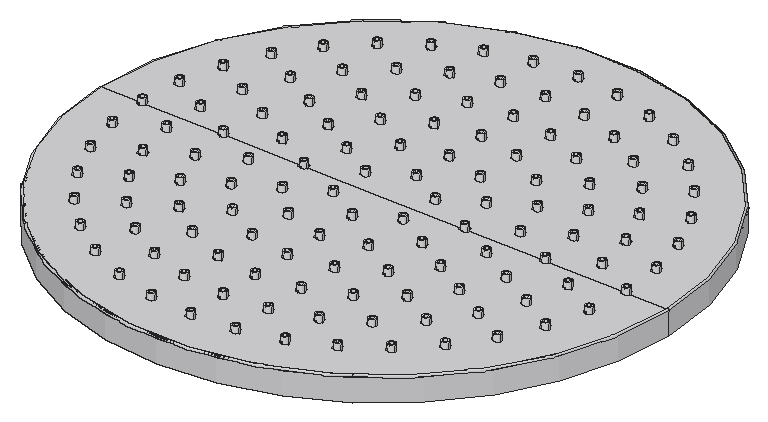
Revit family "Shower-Showerhead-KOHLER-Katalyst_Air-K-18359A_1", category Plumbing Fixtures, host Face, Revit 2017
Family settings
  Host = Face
  Round Connector Dimension = Use Diameter
  Part Type = Normal
  OmniClass Number = 23.31.17.00
  OmniClass Title = Showers
  Cut with Voids When Loaded = No
  Shared = No
  Room Calculation Point = No
Parameters (values of type "CP-Polished Chrome")
  Width = 10"  # constant formula
  WaterSense Certified = 1 = 0  # no
  Waste Water Outlet = "Waste Water Outlet"  # constant formula
  Waste Connection = 1 = 0  # no
  Vent Connection = 1 = 0  # no
  URL = "https://www.kohlerasiapacific.com/"
  Type = 1
  Product Page URL = ""
  Product Name = "KATALYST"  # constant formula
  Product Documentation Link = ""
  Pressure = 80.00 psi  # constant formula
  Panel Thickness = 0"
  Model = if(Type = 1, "K-18359A-CP", "NA")  # "K-18359A-CP"
  Material = "Premium Metal Construction"  # constant formula
  Master Format 2014 Name = "Residential Showers"  # constant formula
  Master Format 2014 = "22 42 23"  # constant formula
  Manufacturer Address = "No. 158 Jiang Chang San Road, Zhabei District, Shanghai, China"  # constant formula
  Manufacturer = "KOHLER Co."  # constant formula
  Length = 10"  # constant formula
  Hot Water Inlet = "Tempered Water Inlet"  # constant formula
  Height = 2.55906"  # constant formula
  HW Connection = 1 = 1  # yes
  Flow Rate = 2.5 GPM  # constant formula
  Finish = Kohler-Metal-CP-Polished_Chrome
  Environmental Product Declaration = ""
  Drain Included = 1 = 0  # no
  Description = "10' ROUND RAIN SHOWER HEAD"  # constant formula
  Default Elevation = 0"
  Declare Label = ""
  Date Modified = "09/07/2020"  # constant formula
  Date Created = "09/07/2020"  # constant formula
  Copyright = "Copyright KOHLER Co."  # constant formula
  Contact Us = "https://www.kohlerasiapacific.com/contact-us"
  Cold Water Inlet = "Cold Water Inlet"  # constant formula
  CW Connection = 1 = 0  # no
  Assembly Code = "D2010700"
  ADA Compliant = 1 = 0  # no
Reference planes (in)
  plane 1 "Center (Front/Back)": y = 0
  plane 2: z = 0
  plane 3 "Center (Left/Right)": x = 0
  plane 4: x = -5
  plane 5: x = 5
  plane 6: z = 2.55906
  plane 7: y = 5
  plane 8: y = -5
Dimensions and locks (in)
  "Height": plane 6 to level
  plane 4 to plane 5 = 10"
  "Width": plane 4 to plane 5
  "Length": plane 7 to plane 8
  aligned and locked: plane 2 to host face
  aligned and locked: level to host face
  aligned and locked: plane 3 "Center (Left/Right)" to nested 1
  aligned and locked: plane 1 "Center (Front/Back)" to nested 1
  aligned and locked: plane 4 to nested 1
  aligned and locked: plane 5 to nested 1
  aligned and locked: plane 6 to nested 1
  aligned and locked: plane 7 to nested 1
  aligned and locked: plane 8 to nested 1
Automatic sketch dimensions
  host sketch curve to host sketch curve = 96"  (x2)
Nested families (in)
  nested 1: "K-18359A" at (0, 0, 0), type "K-18359A"
Connectors (in)
  piping at (0, 0, 0), diameter 0.5, driven by "Flow Rate", driven by "Pressure", driven by "HW Connection", driven by "Hot Water Inlet"
    settings: on nested 1, index 1, connector inside diameter 24", connector length 0", flow factor 0, pipe flow 2.5 GPM, pressure drop 80.00 psi, fitting loss kfactor 0, connector angle 0.00°, fixture units 0, engagement length 0", angle of deflection 0.00°, flow configuration 1, flow direction 1, fitting loss method 4, system type 19, joint type 0, gender type 0, connector reference index -1, connector utility 1, adjustable connector no, is connector primary yes, connector description "Tempered Water Inlet"
Definition of nested family "K-18359A"
  Parameters (values of type "K-18359A")
    Material = none
  Reference planes (in)
    plane 1 "Center (Front/Back)": y = 0
    plane 2: z = 0
    plane 3 "Center (Left/Right)": x = 0
    plane 4: y = -5
    plane 5: y = 5
    plane 6: x = 5
    plane 7: x = -5
    plane 8: z = 2.55906
    plane 9: z = 2.45866
    plane 10: z = 0.53858
  Forms (in)
    Revolve 1, solid, material <- "Material", detail levels medium+fine
      sketch origin (0, 0, 0) x (1, 0, 0) y (0, 0, 1)
        loop
          line (0, 0) -> (0, 2.45866) -> (-4.97112, 2.45866)
          arc (-4.97112, 2.45866) -> (-4.99154, 2.4502) -> (-5, 2.42978) r 0.02888
          line (-5, 2.42978) -> (-5, 2.0374) -> (-4.94132, 2.0374) -> (-4.89724, 2.04921) -> (-0.72036, 2.04921) -> (-0.72036, 0.97047) -> (-0.43196, 0.97047)
          arc (-0.43196, 0.97047) -> (-0.39042, 0.9144) -> (-0.33797, 0.86838) r 0.32802
          arc (-0.33797, 0.86838) -> (-0.30969, 0.80444) -> (-0.35284, 0.74943) r 0.0679
          arc (-0.35284, 0.74943) -> (-0.45821, 0.66658) -> (-0.49801, 0.53858) r 0.22572
          line (-0.49801, 0.53858) -> (-0.49801, 0.01996)
          arc (-0.49801, 0.01996) -> (-0.49217, 0.00585) -> (-0.47806, 0) r 0.01996
          line (-0.47806, 0) -> (0, 0)
        axis (0, 2.45866) -> (0, 0)
      angle from 0 to 360
    Extrusion 2, void
      sketch origin (0, 0, 0) x (0, 1, 0) y (0, 0, 1)
        loop
          line (0.45472, 0.72378) -> (0.45472, 0.16929) -> (0.56013, 0.06388) -> (0.80183, 0.06388) -> (0.80183, 1.44183) -> (0.6895, 1.44183) -> (0.6895, 0.72378) -> (0.45472, 0.72378)
        loop
          line (-0.45472, 0.72378) -> (-0.6895, 0.72378) -> (-0.6895, 1.44183) -> (-0.80183, 1.44183) -> (-0.80183, 0.06388) -> (-0.56013, 0.06388) -> (-0.45472, 0.16929) -> (-0.45472, 0.72378)
      from -2.11247 to 2.34557
    Extrusion 3, void
      sketch origin (0, 0, 0) x (1, 0, 0) y (0, 1, 0)
        loop
          circle (1.41488, 0) r 0.07638
        loop
          circle (2.8322, 0) r 0.07638
        loop
          circle (4.25507, 0) r 0.07638
        loop
          circle (3.52581, 0.373) r 0.07638
        loop
          circle (4.19023, 0.74002) r 0.07638
        loop
          circle (3.99855, 1.45536) r 0.07638
        loop
          circle (3.36952, 1.09219) r 0.07638
        loop
          circle (2.73488, 0.7404) r 0.07638
        loop
          circle (2.09343, 0.37006) r 0.07638
        loop
          circle (3.68713, 2.12888) r 0.07638
        loop
          circle (3.06939, 1.77223) r 0.07638
        loop
          circle (2.45514, 1.4176) r 0.07638
        loop
          circle (1.8421, 1.06365) r 0.07638
        loop
          circle (1.22731, 0.7087) r 0.07638
        loop
          circle (0.61289, 0.35397) r 0.07638
        loop
          circle (0.70468, 1.22729) r 0.07638
        loop
          circle (1.36786, 1.62577) r 0.07638
        loop
          circle (2.00366, 2.0078) r 0.07638
        loop
          circle (2.63299, 2.37114) r 0.07638
        loop
          circle (3.26145, 2.73398) r 0.07638
        loop
          circle (2.73507, 3.26036) r 0.07638
        loop
          circle (2.08298, 2.86855) r 0.07638
        loop
          circle (1.41523, 2.45129) r 0.07638
        loop
          circle (0.72589, 1.99697) r 0.07638
        loop
          circle (1.44378, 3.24039) r 0.07638
        loop
          circle (0.73101, 2.74131) r 0.07638
        loop
          circle (2.12939, 3.68452) r 0.07638
        loop
          circle (1.45423, 3.99936) r 0.07638
        loop
          circle (0.73914, 4.19096) r 0.07638
        loop
          circle (0.73914, 3.46971) r 0.07638
        loop
          circle (0, 4.2521) r 0.07638
        loop
          circle (0, 3.54443) r 0.07638
        loop
          circle (0, 2.83762) r 0.07638
        loop
          circle (0, 2.12687) r 0.07638
        loop
          circle (0, 1.41877) r 0.07638
        loop
          circle (0, 0.70953) r 0.07638
        loop
          circle (0, -4.2521) r 0.07638
        loop
          circle (0, -3.54443) r 0.07638
        loop
          circle (0, -2.83762) r 0.07638
        loop
          circle (0, -2.12687) r 0.07638
        loop
          circle (0, -1.41877) r 0.07638
        loop
          circle (0, -0.70953) r 0.07638
        loop
          circle (-1.41488, 0) r 0.07638
        loop
          circle (-2.8322, 0) r 0.07638
        loop
          circle (-4.25507, 0) r 0.07638
        loop
          circle (-3.52581, 0.373) r 0.07638
        loop
          circle (-4.19023, 0.74002) r 0.07638
        loop
          circle (-3.99855, 1.45536) r 0.07638
        loop
          circle (-3.36952, 1.09219) r 0.07638
        loop
          circle (-2.73488, 0.7404) r 0.07638
        loop
          circle (-2.09343, 0.37006) r 0.07638
        loop
          circle (-3.68713, 2.12888) r 0.07638
        loop
          circle (-3.06939, 1.77223) r 0.07638
        loop
          circle (-2.45514, 1.4176) r 0.07638
        loop
          circle (-1.8421, 1.06365) r 0.07638
        loop
          circle (-1.22731, 0.7087) r 0.07638
        loop
          circle (-0.61289, 0.35397) r 0.07638
        loop
          circle (-0.70468, 1.22729) r 0.07638
        loop
          circle (-1.36786, 1.62577) r 0.07638
        loop
          circle (-2.00366, 2.0078) r 0.07638
        loop
          circle (-2.63299, 2.37114) r 0.07638
        loop
          circle (-3.26145, 2.73398) r 0.07638
        loop
          circle (-2.73507, 3.26036) r 0.07638
        loop
          circle (-2.08298, 2.86855) r 0.07638
        loop
          circle (-1.41523, 2.45129) r 0.07638
        loop
          circle (-0.72589, 1.99697) r 0.07638
        loop
          circle (-1.44378, 3.24039) r 0.07638
        loop
          circle (-0.73101, 2.74131) r 0.07638
        loop
          circle (-2.12939, 3.68452) r 0.07638
        loop
          circle (-1.45423, 3.99936) r 0.07638
        loop
          circle (-0.73914, 4.19096) r 0.07638
        loop
          circle (-0.73914, 3.46971) r 0.07638
        loop
          circle (-3.52581, -0.373) r 0.07638
        loop
          circle (-4.19023, -0.74002) r 0.07638
        loop
          circle (-3.99855, -1.45536) r 0.07638
        loop
          circle (-3.36952, -1.09219) r 0.07638
        loop
          circle (-2.73488, -0.7404) r 0.07638
        loop
          circle (-2.09343, -0.37006) r 0.07638
        loop
          circle (-3.68713, -2.12888) r 0.07638
        loop
          circle (-3.06939, -1.77223) r 0.07638
        loop
          circle (-2.45514, -1.4176) r 0.07638
        loop
          circle (-1.8421, -1.06365) r 0.07638
        loop
          circle (-1.22731, -0.7087) r 0.07638
        loop
          circle (-0.61289, -0.35397) r 0.07638
        loop
          circle (-0.70468, -1.22729) r 0.07638
        loop
          circle (-1.36786, -1.62577) r 0.07638
        loop
          circle (-2.00366, -2.0078) r 0.07638
        loop
          circle (-2.63299, -2.37114) r 0.07638
        loop
          circle (-3.26145, -2.73398) r 0.07638
        loop
          circle (-2.73507, -3.26036) r 0.07638
        loop
          circle (-2.08298, -2.86855) r 0.07638
        loop
          circle (-1.41523, -2.45129) r 0.07638
        loop
          circle (-0.72589, -1.99697) r 0.07638
        loop
          circle (-1.44378, -3.24039) r 0.07638
        loop
          circle (-0.73101, -2.74131) r 0.07638
        loop
          circle (-2.12939, -3.68452) r 0.07638
        loop
          circle (-1.45423, -3.99936) r 0.07638
        loop
          circle (-0.73914, -4.19096) r 0.07638
        loop
          circle (-0.73914, -3.46971) r 0.07638
        loop
          circle (3.52581, -0.373) r 0.07638
        loop
          circle (4.19023, -0.74002) r 0.07638
        loop
          circle (3.99855, -1.45536) r 0.07638
        loop
          circle (3.36952, -1.09219) r 0.07638
        loop
          circle (2.73488, -0.7404) r 0.07638
        loop
          circle (2.09343, -0.37006) r 0.07638
        loop
          circle (3.68713, -2.12888) r 0.07638
        loop
          circle (3.06939, -1.77223) r 0.07638
        loop
          circle (2.45514, -1.4176) r 0.07638
        loop
          circle (1.8421, -1.06365) r 0.07638
        loop
          circle (1.22731, -0.7087) r 0.07638
        loop
          circle (0.61289, -0.35397) r 0.07638
        loop
          circle (0.70468, -1.22729) r 0.07638
        loop
          circle (1.36786, -1.62577) r 0.07638
        loop
          circle (2.00366, -2.0078) r 0.07638
        loop
          circle (2.63299, -2.37114) r 0.07638
        loop
          circle (3.26145, -2.73398) r 0.07638
        loop
          circle (2.73507, -3.26036) r 0.07638
        loop
          circle (2.08298, -2.86855) r 0.07638
        loop
          circle (1.41523, -2.45129) r 0.07638
        loop
          circle (0.72589, -1.99697) r 0.07638
        loop
          circle (1.44378, -3.24039) r 0.07638
        loop
          circle (0.73101, -2.74131) r 0.07638
        loop
          circle (2.12939, -3.68452) r 0.07638
        loop
          circle (1.45423, -3.99936) r 0.07638
        loop
          circle (0.73914, -4.19096) r 0.07638
        loop
          circle (0.73914, -3.46971) r 0.07638
      from 2.21457 to 3.43592
    Extrusion 4, solid, detail levels medium+fine
      sketch origin (0, 0, 0) x (1, 0, 0) y (0, 1, 0)
        loop
          circle (0, 4.2521) r 0.03937
        loop
          circle (0, 4.2521) r 0.06102
        loop
          circle (0, 3.54443) r 0.03937
        loop
          circle (0, 3.54443) r 0.06102
        loop
          circle (0, 2.83762) r 0.03937
        loop
          circle (0, 2.83762) r 0.06102
        loop
          circle (0, 2.12687) r 0.03937
        loop
          circle (0, 2.12687) r 0.06102
        loop
          circle (0, 1.41877) r 0.03937
        loop
          circle (0, 1.41877) r 0.06102
        loop
          circle (0, 0.70953) r 0.03937
        loop
          circle (0, 0.70953) r 0.06102
        loop
          circle (0.61289, 0.35397) r 0.03937
        loop
          circle (0.61289, 0.35397) r 0.06102
        loop
          circle (1.22731, 0.7087) r 0.03937
        loop
          circle (1.22731, 0.7087) r 0.06102
        loop
          circle (1.8421, 1.06365) r 0.03937
        loop
          circle (1.8421, 1.06365) r 0.06102
        loop
          circle (2.45514, 1.4176) r 0.03937
        loop
          circle (2.45514, 1.4176) r 0.06102
        loop
          circle (3.06939, 1.77223) r 0.03937
        loop
          circle (3.06939, 1.77223) r 0.06102
        loop
          circle (3.68713, 2.12888) r 0.03937
        loop
          circle (3.68713, 2.12888) r 0.06102
        loop
          circle (2.8322, 0) r 0.03937
        loop
          circle (2.8322, 0) r 0.06102
        loop
          circle (4.25507, 0) r 0.03937
        loop
          circle (4.25507, 0) r 0.06102
        loop
          circle (1.41488, 0) r 0.03937
        loop
          circle (1.41488, 0) r 0.06102
        loop
          circle (2.09343, 0.37006) r 0.03937
        loop
          circle (2.09343, 0.37006) r 0.06102
        loop
          circle (2.73488, 0.7404) r 0.03937
        loop
          circle (2.73488, 0.7404) r 0.06102
        loop
          circle (3.52581, 0.373) r 0.03937
        loop
          circle (3.52581, 0.373) r 0.06102
        loop
          circle (4.19023, 0.74002) r 0.03937
        loop
          circle (4.19023, 0.74002) r 0.06102
        loop
          circle (3.99855, 1.45536) r 0.03937
        loop
          circle (3.99855, 1.45536) r 0.06102
        loop
          circle (3.36952, 1.09219) r 0.03937
        loop
          circle (3.36952, 1.09219) r 0.06102
        loop
          circle (3.26145, 2.73398) r 0.03937
        loop
          circle (3.26145, 2.73398) r 0.06102
        loop
          circle (2.63299, 2.37114) r 0.03937
        loop
          circle (2.63299, 2.37114) r 0.06102
        loop
          circle (2.00366, 2.0078) r 0.03937
        loop
          circle (2.00366, 2.0078) r 0.06102
        loop
          circle (2.08298, 2.86855) r 0.03937
        loop
          circle (2.08298, 2.86855) r 0.06102
        loop
          circle (2.73507, 3.26036) r 0.03937
        loop
          circle (2.73507, 3.26036) r 0.06102
        loop
          circle (1.41523, 2.45129) r 0.03937
        loop
          circle (1.41523, 2.45129) r 0.06102
        loop
          circle (1.36786, 1.62577) r 0.03937
        loop
          circle (1.36786, 1.62577) r 0.06102
        loop
          circle (0.72589, 1.99697) r 0.03937
        loop
          circle (0.72589, 1.99697) r 0.06102
        loop
          circle (0.70468, 1.22729) r 0.03937
        loop
          circle (0.70468, 1.22729) r 0.06102
        loop
          circle (1.45423, 3.99936) r 0.03937
        loop
          circle (1.45423, 3.99936) r 0.06102
        loop
          circle (2.12939, 3.68452) r 0.03937
        loop
          circle (2.12939, 3.68452) r 0.06102
        loop
          circle (1.44378, 3.24039) r 0.03937
        loop
          circle (1.44378, 3.24039) r 0.06102
        loop
          circle (0.73914, 3.46971) r 0.03937
        loop
          circle (0.73914, 3.46971) r 0.06102
        loop
          circle (0.73914, 4.19096) r 0.03937
        loop
          circle (0.73914, 4.19096) r 0.06102
        loop
          circle (0.73101, 2.74131) r 0.03937
        loop
          circle (0.73101, 2.74131) r 0.06102
        loop
          circle (-0.61289, 0.35397) r 0.03937
        loop
          circle (-0.61289, 0.35397) r 0.06102
        loop
          circle (-1.22731, 0.7087) r 0.03937
        loop
          circle (-1.22731, 0.7087) r 0.06102
        loop
          circle (-1.8421, 1.06365) r 0.03937
        loop
          circle (-1.8421, 1.06365) r 0.06102
        loop
          circle (-2.45514, 1.4176) r 0.03937
        loop
          circle (-2.45514, 1.4176) r 0.06102
        loop
          circle (-3.06939, 1.77223) r 0.03937
        loop
          circle (-3.06939, 1.77223) r 0.06102
        loop
          circle (-3.68713, 2.12888) r 0.03937
        loop
          circle (-3.68713, 2.12888) r 0.06102
        loop
          circle (-2.09343, 0.37006) r 0.03937
        loop
          circle (-2.09343, 0.37006) r 0.06102
        loop
          circle (-2.73488, 0.7404) r 0.03937
        loop
          circle (-2.73488, 0.7404) r 0.06102
        loop
          circle (-3.52581, 0.373) r 0.03937
        loop
          circle (-3.52581, 0.373) r 0.06102
        loop
          circle (-4.19023, 0.74002) r 0.03937
        loop
          circle (-4.19023, 0.74002) r 0.06102
        loop
          circle (-3.99855, 1.45536) r 0.03937
        loop
          circle (-3.99855, 1.45536) r 0.06102
        loop
          circle (-3.36952, 1.09219) r 0.03937
        loop
          circle (-3.36952, 1.09219) r 0.06102
        loop
          circle (-3.26145, 2.73398) r 0.03937
        loop
          circle (-3.26145, 2.73398) r 0.06102
        loop
          circle (-2.63299, 2.37114) r 0.03937
        loop
          circle (-2.63299, 2.37114) r 0.06102
        loop
          circle (-2.00366, 2.0078) r 0.03937
        loop
          circle (-2.00366, 2.0078) r 0.06102
        loop
          circle (-2.08298, 2.86855) r 0.03937
        loop
          circle (-2.08298, 2.86855) r 0.06102
        loop
          circle (-2.73507, 3.26036) r 0.03937
        loop
          circle (-2.73507, 3.26036) r 0.06102
        loop
          circle (-1.41523, 2.45129) r 0.03937
        loop
          circle (-1.41523, 2.45129) r 0.06102
        loop
          circle (-1.36786, 1.62577) r 0.03937
        loop
          circle (-1.36786, 1.62577) r 0.06102
        loop
          circle (-0.72589, 1.99697) r 0.03937
        loop
          circle (-0.72589, 1.99697) r 0.06102
        loop
          circle (-0.70468, 1.22729) r 0.03937
        loop
          circle (-0.70468, 1.22729) r 0.06102
        loop
          circle (-1.45423, 3.99936) r 0.03937
        loop
          circle (-1.45423, 3.99936) r 0.06102
        loop
          circle (-2.12939, 3.68452) r 0.03937
        loop
          circle (-2.12939, 3.68452) r 0.06102
        loop
          circle (-1.44378, 3.24039) r 0.03937
        loop
          circle (-1.44378, 3.24039) r 0.06102
        loop
          circle (-0.73914, 3.46971) r 0.03937
        loop
          circle (-0.73914, 3.46971) r 0.06102
        loop
          circle (-0.73914, 4.19096) r 0.03937
        loop
          circle (-0.73914, 4.19096) r 0.06102
        loop
          circle (-0.73101, 2.74131) r 0.03937
        loop
          circle (-0.73101, 2.74131) r 0.06102
        loop
          circle (-0.61289, -0.35397) r 0.03937
        loop
          circle (-0.61289, -0.35397) r 0.06102
        loop
          circle (-1.22731, -0.7087) r 0.03937
        loop
          circle (-1.22731, -0.7087) r 0.06102
        loop
          circle (-1.8421, -1.06365) r 0.03937
        loop
          circle (-1.8421, -1.06365) r 0.06102
        loop
          circle (-2.45514, -1.4176) r 0.03937
        loop
          circle (-2.45514, -1.4176) r 0.06102
        loop
          circle (-3.06939, -1.77223) r 0.03937
        loop
          circle (-3.06939, -1.77223) r 0.06102
        loop
          circle (-3.68713, -2.12888) r 0.03937
        loop
          circle (-3.68713, -2.12888) r 0.06102
        loop
          circle (-2.09343, -0.37006) r 0.03937
        loop
          circle (-2.09343, -0.37006) r 0.06102
        loop
          circle (-2.73488, -0.7404) r 0.03937
        loop
          circle (-2.73488, -0.7404) r 0.06102
        loop
          circle (-3.52581, -0.373) r 0.03937
        loop
          circle (-3.52581, -0.373) r 0.06102
        loop
          circle (-4.19023, -0.74002) r 0.03937
        loop
          circle (-4.19023, -0.74002) r 0.06102
        loop
          circle (-3.99855, -1.45536) r 0.03937
        loop
          circle (-3.99855, -1.45536) r 0.06102
        loop
          circle (-3.36952, -1.09219) r 0.03937
        loop
          circle (-3.36952, -1.09219) r 0.06102
        loop
          circle (-3.26145, -2.73398) r 0.03937
        loop
          circle (-3.26145, -2.73398) r 0.06102
        loop
          circle (-2.63299, -2.37114) r 0.03937
        loop
          circle (-2.63299, -2.37114) r 0.06102
        loop
          circle (-2.00366, -2.0078) r 0.03937
        loop
          circle (-2.00366, -2.0078) r 0.06102
        loop
          circle (-2.08298, -2.86855) r 0.03937
        loop
          circle (-2.08298, -2.86855) r 0.06102
        loop
          circle (-2.73507, -3.26036) r 0.03937
        loop
          circle (-2.73507, -3.26036) r 0.06102
        loop
          circle (-1.41523, -2.45129) r 0.03937
        loop
          circle (-1.41523, -2.45129) r 0.06102
        loop
          circle (-1.36786, -1.62577) r 0.03937
        loop
          circle (-1.36786, -1.62577) r 0.06102
        loop
          circle (-0.72589, -1.99697) r 0.03937
        loop
          circle (-0.72589, -1.99697) r 0.06102
        loop
          circle (-0.70468, -1.22729) r 0.03937
        loop
          circle (-0.70468, -1.22729) r 0.06102
        loop
          circle (-1.45423, -3.99936) r 0.03937
        loop
          circle (-1.45423, -3.99936) r 0.06102
        loop
          circle (-2.12939, -3.68452) r 0.03937
        loop
          circle (-2.12939, -3.68452) r 0.06102
        loop
          circle (-1.44378, -3.24039) r 0.03937
        loop
          circle (-1.44378, -3.24039) r 0.06102
        loop
          circle (-0.73914, -3.46971) r 0.03937
        loop
          circle (-0.73914, -3.46971) r 0.06102
        loop
          circle (-0.73914, -4.19096) r 0.03937
        loop
          circle (-0.73914, -4.19096) r 0.06102
        loop
          circle (-0.73101, -2.74131) r 0.03937
        loop
          circle (-0.73101, -2.74131) r 0.06102
        loop
          circle (0.61289, -0.35397) r 0.03937
        loop
          circle (0.61289, -0.35397) r 0.06102
        loop
          circle (1.22731, -0.7087) r 0.03937
        loop
          circle (1.22731, -0.7087) r 0.06102
        loop
          circle (1.8421, -1.06365) r 0.03937
        loop
          circle (1.8421, -1.06365) r 0.06102
        loop
          circle (2.45514, -1.4176) r 0.03937
        loop
          circle (2.45514, -1.4176) r 0.06102
        loop
          circle (3.06939, -1.77223) r 0.03937
        loop
          circle (3.06939, -1.77223) r 0.06102
        loop
          circle (3.68713, -2.12888) r 0.03937
        loop
          circle (3.68713, -2.12888) r 0.06102
        loop
          circle (2.09343, -0.37006) r 0.03937
        loop
          circle (2.09343, -0.37006) r 0.06102
        loop
          circle (2.73488, -0.7404) r 0.03937
        loop
          circle (2.73488, -0.7404) r 0.06102
        loop
          circle (3.52581, -0.373) r 0.03937
        loop
          circle (3.52581, -0.373) r 0.06102
        loop
          circle (4.19023, -0.74002) r 0.03937
        loop
          circle (4.19023, -0.74002) r 0.06102
        loop
          circle (3.99855, -1.45536) r 0.03937
        loop
          circle (3.99855, -1.45536) r 0.06102
        loop
          circle (3.36952, -1.09219) r 0.03937
        loop
          circle (3.36952, -1.09219) r 0.06102
        loop
          circle (3.26145, -2.73398) r 0.03937
        loop
          circle (3.26145, -2.73398) r 0.06102
        loop
          circle (2.63299, -2.37114) r 0.03937
        loop
          circle (2.63299, -2.37114) r 0.06102
        loop
          circle (2.00366, -2.0078) r 0.03937
        loop
          circle (2.00366, -2.0078) r 0.06102
        loop
          circle (2.08298, -2.86855) r 0.03937
        loop
          circle (2.08298, -2.86855) r 0.06102
        loop
          circle (2.73507, -3.26036) r 0.03937
        loop
          circle (2.73507, -3.26036) r 0.06102
        loop
          circle (1.41523, -2.45129) r 0.03937
        loop
          circle (1.41523, -2.45129) r 0.06102
        loop
          circle (1.36786, -1.62577) r 0.03937
        loop
          circle (1.36786, -1.62577) r 0.06102
        loop
          circle (0.72589, -1.99697) r 0.03937
        loop
          circle (0.72589, -1.99697) r 0.06102
        loop
          circle (0.70468, -1.22729) r 0.03937
        loop
          circle (0.70468, -1.22729) r 0.06102
        loop
          circle (1.45423, -3.99936) r 0.03937
        loop
          circle (1.45423, -3.99936) r 0.06102
        loop
          circle (2.12939, -3.68452) r 0.03937
        loop
          circle (2.12939, -3.68452) r 0.06102
        loop
          circle (1.44378, -3.24039) r 0.03937
        loop
          circle (1.44378, -3.24039) r 0.06102
        loop
          circle (0.73914, -3.46971) r 0.03937
        loop
          circle (0.73914, -3.46971) r 0.06102
        loop
          circle (0.73914, -4.19096) r 0.03937
        loop
          circle (0.73914, -4.19096) r 0.06102
        loop
          circle (0.73101, -2.74131) r 0.03937
        loop
          circle (0.73101, -2.74131) r 0.06102
        loop
          circle (0, -4.2521) r 0.03937
        loop
          circle (0, -4.2521) r 0.06102
        loop
          circle (0, -3.54443) r 0.03937
        loop
          circle (0, -3.54443) r 0.06102
        loop
          circle (0, -2.83762) r 0.03937
        loop
          circle (0, -2.83762) r 0.06102
        loop
          circle (0, -2.12687) r 0.03937
        loop
          circle (0, -2.12687) r 0.06102
        loop
          circle (0, -1.41877) r 0.03937
        loop
          circle (0, -1.41877) r 0.06102
        loop
          circle (0, -0.70953) r 0.03937
        loop
          circle (0, -0.70953) r 0.06102
        loop
          circle (-2.8322, 0) r 0.03937
        loop
          circle (-2.8322, 0) r 0.06102
        loop
          circle (-4.25507, 0) r 0.03937
        loop
          circle (-4.25507, 0) r 0.06102
        loop
          circle (-1.41488, 0) r 0.03937
        loop
          circle (-1.41488, 0) r 0.06102
      from 2.10827 to 2.55906
    Extrusion 5, solid, material <- "Material", detail levels medium+fine
      sketch origin (0, 0, 0) x (1, 0, 0) y (0, 1, 0)
        loop
          circle (0, 0) r 0.35433
      from 0 to 0.071
    Extrusion 6, void
      sketch origin (0, 0, 0) x (1, 0, 0) y (0, 1, 0)
        loop
          circle (2.32547, -4.03613) r 0.15748
        loop
          circle (-2.32205, -4.03613) r 0.15748
        loop
          circle (-4.64523, -0.01225) r 0.15748
        loop
          circle (-2.31629, 4.0216) r 0.15748
        loop
          circle (2.33129, 4.0216) r 0.15748
        loop
          circle (4.65026, 0.00502) r 0.15748
      from 2.04921 to 2.0837
    Revolve 7, solid, material <- "Material", detail levels coarse
      sketch origin (0, 0, 0) x (1, 0, 0) y (0, 0, 1)
        loop
          line (-5, 2.55906) -> (-5, 1.86711) -> (-0.72036, 1.86711) -> (-0.72036, 0) -> (0, 0) -> (0, 2.55906) -> (-5, 2.55906)
        axis (0, 2.55906) -> (0, 0)
      angle from 0 to 360
  Cuts and joins
    Extrusion 2, Extrusion 3, Extrusion 6 cuts Revolve 1
  Lines and regions (in)
    Masking region 1
      outline origin (0, 0, 0) x (1, 0, 0) y (0, 0, 1)
        loop
          arc (0.47806, 0) -> (0.49217, 0.00585) -> (0.49801, 0.01996) r 0.01996
          line (0.49801, 0.01996) -> (0.49801, 0.53858)
          arc (0.49801, 0.53858) -> (0.45821, 0.66658) -> (0.35284, 0.74943) r 0.22572
          arc (0.35284, 0.74943) -> (0.30969, 0.80444) -> (0.33797, 0.86838) r 0.0679
          arc (0.33797, 0.86838) -> (0.39042, 0.9144) -> (0.43196, 0.97047) r 0.32802
          line (0.43196, 0.97047) -> (0.72036, 0.97047) -> (0.72036, 2.0374) -> (5, 2.0374) -> (5, 2.42978)
          arc (5, 2.42978) -> (4.99154, 2.4502) -> (4.97112, 2.45866) r 0.02888
          line (4.97112, 2.45866) -> (4.31609, 2.45866) -> (4.31609, 2.55906) -> (4.12921, 2.55906) -> (4.12921, 2.45866) -> (4.05958, 2.45866) -> (4.05958, 2.55906) -> (3.93753, 2.55906) -> (3.93753, 2.45866) -> (3.74816, 2.45866) -> (3.74816, 2.55906) -> (3.62611, 2.55906) -> (3.62611, 2.45866) -> (3.58684, 2.45866) -> (3.58684, 2.55906) -> (3.46479, 2.55906) -> (3.46479, 2.45866) -> (3.43054, 2.45866) -> (3.43054, 2.55906) -> (3.20043, 2.55906) -> (3.20043, 2.45866) -> (3.13042, 2.45866) -> (3.13042, 2.55906) -> (3.00837, 2.55906) -> (3.00837, 2.45866) -> (2.89322, 2.45866) -> (2.89322, 2.55906) -> (2.57197, 2.55906) -> (2.57197, 2.45866) -> (2.51617, 2.45866) -> (2.51617, 2.55906) -> (2.39412, 2.55906) -> (2.39412, 2.45866) -> (2.19041, 2.45866) -> (2.19041, 2.55906) -> (1.94264, 2.55906) -> (1.94264, 2.45866) -> (1.90312, 2.45866) -> (1.90312, 2.55906) -> (1.78108, 2.55906) -> (1.78108, 2.45866) -> (1.51525, 2.45866) -> (1.51525, 2.55906) -> (1.30683, 2.55906) -> (1.30683, 2.45866) -> (1.28833, 2.48413) -> (1.28833, 2.55906) -> (1.16629, 2.55906) -> (1.16629, 2.45866) -> (0.80016, 2.45866) -> (0.80016, 2.55906) -> (0.55186, 2.55906) -> (0.55186, 2.45866) -> (0.06102, 2.45866) -> (0.06102, 2.55906) -> (-0.06102, 2.55906) -> (-0.06102, 2.45866) -> (-0.55186, 2.45866) -> (-0.55186, 2.55906) -> (-0.80016, 2.55906) -> (-0.80016, 2.45866) -> (-1.16629, 2.45866) -> (-1.16629, 2.55906) -> (-1.28833, 2.55906) -> (-1.28833, 2.45866) -> (-1.30683, 2.48508) -> (-1.30683, 2.55906) -> (-1.51525, 2.55906) -> (-1.51525, 2.45866) -> (-1.78108, 2.45866) -> (-1.78108, 2.55906) -> (-1.90312, 2.55906) -> (-1.90312, 2.45866) -> (-1.94264, 2.45866) -> (-1.94264, 2.55906) -> (-2.19041, 2.55906) -> (-2.19041, 2.45866) -> (-2.39412, 2.45866) -> (-2.39412, 2.55906) -> (-2.51617, 2.55906) -> (-2.51617, 2.45866) -> (-2.57197, 2.45866) -> (-2.57197, 2.55906) -> (-2.89322, 2.55906) -> (-2.89322, 2.45866) -> (-3.00837, 2.45866) -> (-3.00837, 2.55906) -> (-3.13042, 2.55906) -> (-3.13042, 2.45866) -> (-3.20043, 2.45866) -> (-3.20043, 2.55906) -> (-3.43054, 2.55906) -> (-3.43054, 2.45866) -> (-3.46479, 2.45866) -> (-3.46479, 2.55906) -> (-3.58684, 2.55906) -> (-3.58684, 2.45866) -> (-3.62611, 2.45866) -> (-3.62611, 2.55906) -> (-3.74816, 2.55906) -> (-3.74816, 2.45866) -> (-3.93753, 2.45866) -> (-3.93753, 2.55906) -> (-4.05958, 2.55906) -> (-4.05958, 2.45866) -> (-4.12921, 2.45866) -> (-4.12921, 2.55906) -> (-4.31609, 2.55906) -> (-4.31609, 2.45866) -> (-4.97112, 2.45866)
          arc (-4.97112, 2.45866) -> (-4.99154, 2.4502) -> (-5, 2.42978) r 0.02888
          line (-5, 2.42978) -> (-5, 2.0374) -> (-0.72036, 2.0374) -> (-0.72036, 0.97047) -> (-0.43196, 0.97047)
          arc (-0.43196, 0.97047) -> (-0.39042, 0.9144) -> (-0.33797, 0.86838) r 0.32802
          arc (-0.33797, 0.86838) -> (-0.30969, 0.80444) -> (-0.35284, 0.74943) r 0.0679
          arc (-0.35284, 0.74943) -> (-0.45821, 0.66658) -> (-0.49801, 0.53858) r 0.22572
          line (-0.49801, 0.53858) -> (-0.49801, 0.01996)
          arc (-0.49801, 0.01996) -> (-0.49217, 0.00585) -> (-0.47806, 0) r 0.01996
          line (-0.47806, 0) -> (0.47806, 0)
    Masking region 2
      outline origin (0, 0, 0) x (0, 1, 0) y (0, 0, 1)
        loop
          line (-0.47806, 0) -> (0.47806, 0)
          arc (0.47806, 0) -> (0.49217, 0.00585) -> (0.49801, 0.01996) r 0.01996
          line (0.49801, 0.01996) -> (0.49801, 0.126) -> (0.45472, 0.16929) -> (0.45472, 0.6715)
          arc (0.45472, 0.6715) -> (0.40943, 0.71786) -> (0.35284, 0.74943) r 0.22572
          arc (0.35284, 0.74943) -> (0.30969, 0.80444) -> (0.33797, 0.86838) r 0.0679
          arc (0.33797, 0.86838) -> (0.39042, 0.9144) -> (0.43196, 0.97047) r 0.32802
          line (0.43196, 0.97047) -> (0.6895, 0.97047) -> (0.6895, 1.44183) -> (0.72036, 1.44183) -> (0.72036, 2.0374) -> (5, 2.0374) -> (5, 2.42978)
          arc (5, 2.42978) -> (4.99154, 2.4502) -> (4.97112, 2.45866) r 0.02888
          line (4.97112, 2.45866) -> (4.31409, 2.45866) -> (4.31409, 2.55906) -> (4.12921, 2.55906) -> (4.12921, 2.45866) -> (4.06079, 2.45866) -> (4.06079, 2.55906) -> (3.93806, 2.55906) -> (3.93806, 2.45866) -> (3.74544, 2.45866) -> (3.74544, 2.55906) -> (3.62588, 2.55906) -> (3.62588, 2.45866) -> (3.59514, 2.45866) -> (3.59514, 2.55906) -> (3.41004, 2.55906) -> (3.41004, 2.45866) -> (3.32174, 2.45866) -> (3.32174, 2.55906) -> (3.17867, 2.55906) -> (3.17867, 2.45866) -> (2.93043, 2.45866) -> (2.93043, 2.55906) -> (2.67267, 2.55906) -> (2.67267, 2.45866) -> (2.51125, 2.45866) -> (2.51125, 2.55906) -> (2.30848, 2.55906) -> (2.30848, 2.45866) -> (2.19041, 2.45866) -> (2.19041, 2.55906) -> (1.93582, 2.55906) -> (1.93582, 2.45866) -> (1.83435, 2.45866) -> (1.83435, 2.55906) -> (1.56475, 2.55906) -> (1.56475, 2.45866) -> (1.51525, 2.45866) -> (1.51525, 2.55906) -> (1.35567, 2.55906) -> (1.35567, 2.45866) -> (1.28833, 2.45866) -> (1.28833, 2.55906) -> (1.16629, 2.55906) -> (1.16629, 2.45866) -> (1.15321, 2.4867) -> (1.15321, 2.55906) -> (1.00263, 2.55906) -> (1.00263, 2.45866) -> (0.80227, 2.45866) -> (0.80227, 2.55906) -> (0.64803, 2.55906) -> (0.64803, 2.45866) -> (0.43402, 2.45866) -> (0.43402, 2.55906) -> (0.29294, 2.55906) -> (0.29294, 2.45866) -> (0.06102, 2.45866) -> (0.06102, 2.55906) -> (-0.06102, 2.55906) -> (-0.06102, 2.45866) -> (-0.29294, 2.45866) -> (-0.29294, 2.55906) -> (-0.43402, 2.55906) -> (-0.43402, 2.45866) -> (-0.64586, 2.45866) -> (-0.64586, 2.55906) -> (-0.80016, 2.55906) -> (-0.80016, 2.45866) -> (-1.00263, 2.45866) -> (-1.00263, 2.55906) -> (-1.28833, 2.55906) -> (-1.28833, 2.45866) -> (-1.3558, 2.45866) -> (-1.3558, 2.55906) -> (-1.51681, 2.55906) -> (-1.51681, 2.45866) -> (-1.56475, 2.45866) -> (-1.56475, 2.55906) -> (-1.68679, 2.55906) -> (-1.68679, 2.47847) -> (-1.7104, 2.45866) -> (-1.7104, 2.55906) -> (-1.83354, 2.55906) -> (-1.83354, 2.45866) -> (-1.93562, 2.45866) -> (-1.93562, 2.55906) -> (-2.19041, 2.55906) -> (-2.19041, 2.45866) -> (-2.31059, 2.45866) -> (-2.31059, 2.55906) -> (-2.51266, 2.55906) -> (-2.51266, 2.45866) -> (-2.67125, 2.45866) -> (-2.67125, 2.55906) -> (-2.92845, 2.55906) -> (-2.92845, 2.45866) -> (-3.17973, 2.45866) -> (-3.17973, 2.55906) -> (-3.323, 2.55906) -> (-3.323, 2.45866) -> (-3.40802, 2.45866) -> (-3.40802, 2.55906) -> (-3.60509, 2.55906) -> (-3.60509, 2.48453) -> (-3.62321, 2.45866) -> (-3.62321, 2.55906) -> (-3.74578, 2.55906) -> (-3.74578, 2.45866) -> (-3.9381, 2.45866) -> (-3.9381, 2.55906) -> (-4.0606, 2.55906) -> (-4.0606, 2.45866) -> (-4.12966, 2.45866) -> (-4.12966, 2.55906) -> (-4.31333, 2.55906) -> (-4.31333, 2.45866) -> (-4.97112, 2.45866)
          arc (-4.97112, 2.45866) -> (-4.99154, 2.4502) -> (-5, 2.42978) r 0.02888
          line (-5, 2.42978) -> (-5, 2.0374) -> (-0.72036, 2.0374) -> (-0.72036, 1.44183) -> (-0.6895, 1.44183) -> (-0.6895, 0.97047) -> (-0.43196, 0.97047)
          arc (-0.43196, 0.97047) -> (-0.39042, 0.9144) -> (-0.33797, 0.86838) r 0.32802
          arc (-0.33797, 0.86838) -> (-0.30969, 0.80444) -> (-0.35284, 0.74943) r 0.0679
          arc (-0.35284, 0.74943) -> (-0.40943, 0.71786) -> (-0.45472, 0.6715) r 0.22572
          line (-0.45472, 0.6715) -> (-0.45472, 0.16929) -> (-0.49801, 0.126) -> (-0.49801, 0.01996)
          arc (-0.49801, 0.01996) -> (-0.49217, 0.00585) -> (-0.47806, 0) r 0.01996
    Masking region 3
      outline origin (0, 0, 0) x (1, 0, 0) y (0, 1, 0)
        loop
          circle (0, 0) r 5
    symbolic lines, detail levels medium+fine
      curve 1: line (-0.72036, 0, 2.0374) -> (0.72036, 0, 2.0374)
      curve 2: line (-0.43196, 0, 0.97047) -> (0.43196, 0, 0.97047)
      curve 3: line (-0.35284, 0, 0.74943) -> (0.35284, 0, 0.74943)
      curve 4: line (-0.33797, 0, 0.86838) -> (0.33797, 0, 0.86838)
      curve 5: line (-0.49801, 0, 0.01996) -> (0.49801, 0, 0.01996)
      curve 6: line (-0.49801, 0, 0.53858) -> (-0.20309, 0, 0.53858)
      curve 7: line (0.49801, 0, 0.53858) -> (0.20309, 0, 0.53858)
      curve 8: line (0.20859, 0, 1.44183) -> (-0.20859, 0, 1.44183)
      curve 9: line (-0.20859, 0, 0.97047) -> (-0.20859, 0, 1.44183)
      curve 10: line (0.20859, 0, 1.44183) -> (0.20859, 0, 0.97047)
      curve 11: line (-0.20309, 0, 0.53858) -> (0.20309, 0, 0.53858)
      curve 12: line (0.20309, 0, 0.53858) -> (0.20309, 0, 0.16929)
      curve 13: line (-0.20309, 0, 0.16929) -> (-0.20309, 0, 0.53858)
      curve 14: line (-0.20309, 0, 0.16929) -> (0.20309, 0, 0.16929)
      curve 15: spline (0.20303, 0, 0.16936) -> (0.17221, 0, 0.15644) -> (0.13976, 0, 0.14571) -> (0.10599, 0, 0.13725) -> (0.07122, 0, 0.13115) -> (0.03578, 0, 0.12747) -> (0, 0, 0.12623) -> (-0.03578, 0, 0.12747) -> (-0.07122, 0, 0.13115) -> (-0.10599, 0, 0.13725) -> (-0.13976, 0, 0.14571) -> (-0.17221, 0, 0.15644) -> (-0.20303, 0, 0.16936)
      curve 16: line (4.12921, 0, 2.45866) -> (4.31609, 0, 2.45866)
      curve 17: line (4.05958, 0, 2.45866) -> (3.93753, 0, 2.45866)
      curve 18: line (3.74816, 0, 2.45866) -> (3.62611, 0, 2.45866)
      curve 19: line (3.58684, 0, 2.45866) -> (3.46479, 0, 2.45866)
      curve 20: line (3.43054, 0, 2.45866) -> (3.20043, 0, 2.45866)
      curve 21: line (3.13042, 0, 2.45866) -> (3.00837, 0, 2.45866)
      curve 22: line (2.89322, 0, 2.45866) -> (2.57197, 0, 2.45866)
      curve 23: line (2.51617, 0, 2.45866) -> (2.39412, 0, 2.45866)
      curve 24: line (2.19041, 0, 2.45866) -> (1.94264, 0, 2.45866)
      curve 25: line (1.90312, 0, 2.45866) -> (1.78108, 0, 2.45866)
      curve 26: line (1.51525, 0, 2.45866) -> (1.16629, 0, 2.45866)
      curve 27: line (0.80016, 0, 2.45866) -> (0.55186, 0, 2.45866)
      curve 28: line (0.07638, 0, 2.45866) -> (-0.06102, 0, 2.45866)
      curve 29: line (-0.55186, 0, 2.45866) -> (-0.80016, 0, 2.45866)
      curve 30: line (-1.16629, 0, 2.45866) -> (-1.51525, 0, 2.45866)
      curve 31: line (-1.78108, 0, 2.45866) -> (-2.19041, 0, 2.45866)
      curve 32: line (-2.39412, 0, 2.45866) -> (-2.51617, 0, 2.45866)
      curve 33: line (-2.57197, 0, 2.45866) -> (-2.89322, 0, 2.45866)
      curve 34: line (-3.00837, 0, 2.45866) -> (-3.13042, 0, 2.45866)
      curve 35: line (-3.20043, 0, 2.45866) -> (-3.43054, 0, 2.45866)
      curve 36: line (-3.46479, 0, 2.45866) -> (-3.58684, 0, 2.45866)
      curve 37: line (-3.62611, 0, 2.45866) -> (-3.74816, 0, 2.45866)
      curve 38: line (-3.93753, 0, 2.45866) -> (-4.05958, 0, 2.45866)
      curve 39: line (-4.12921, 0, 2.45866) -> (-4.31609, 0, 2.45866)
      curve 40: line (-4.2157, 0, 2.55906) -> (-4.2157, 0, 2.45866)
      curve 41: line (-3.32247, 0, 2.55906) -> (-3.32247, 0, 2.45866)
      curve 42: line (-2.7959, 0, 2.55906) -> (-2.7959, 0, 2.45866)
      curve 43: line (-2.77444, 0, 2.55906) -> (-2.77444, 0, 2.45866)
      curve 44: line (-2.67405, 0, 2.55906) -> (-2.67405, 0, 2.45866)
      curve 45: line (-2.1328, 0, 2.55906) -> (-2.1328, 0, 2.45866)
      curve 46: line (-2.03241, 0, 2.55906) -> (-2.03241, 0, 2.45866)
      curve 47: line (-1.48315, 0, 2.55906) -> (-1.48315, 0, 2.45866)
      curve 48: line (-1.40723, 0, 2.55906) -> (-1.40723, 0, 2.45866)
      curve 49: line (-0.77038, 0, 2.55906) -> (-0.77038, 0, 2.45866)
      curve 50: line (-0.69164, 0, 2.55906) -> (-0.69164, 0, 2.45866)
      curve 51: line (-0.65226, 0, 2.55906) -> (-0.65226, 0, 2.45866)
      curve 52: line (0.77851, 0, 2.55906) -> (0.77851, 0, 2.45866)
      curve 53: line (0.68652, 0, 2.55906) -> (0.68652, 0, 2.45866)
      curve 54: line (1.48315, 0, 2.55906) -> (1.48315, 0, 2.45866)
      curve 55: line (1.41486, 0, 2.55906) -> (1.41486, 0, 2.45866)
      curve 56: line (2.03241, 0, 2.55906) -> (2.03241, 0, 2.45866)
      curve 57: line (2.05406, 0, 2.55906) -> (2.05406, 0, 2.45866)
      curve 58: line (2.6957, 0, 2.55906) -> (2.6957, 0, 2.45866)
      curve 59: line (2.77444, 0, 2.55906) -> (2.77444, 0, 2.45866)
      curve 60: line (3.3085, 0, 2.55906) -> (3.3085, 0, 2.45866)
      curve 61: line (4.2157, 0, 2.55906) -> (4.2157, 0, 2.45866)
      curve 62: line (0, 0.49801, 0.01996) -> (0, -0.49801, 0.01996)
      curve 63: line (0, 0.35284, 0.74943) -> (0, -0.35284, 0.74943)
      curve 64: line (0, 0.33797, 0.86838) -> (0, -0.33797, 0.86838)
      curve 65: line (0, 0.43196, 0.97047) -> (0, -0.43196, 0.97047)
      curve 66: line (0, 0.72036, 2.0374) -> (0, -0.72036, 2.0374)
      curve 67: line (0, -4.31333, 2.45866) -> (0, -4.12966, 2.45866)
      curve 68: line (0, -4.23033, 2.55906) -> (0, -4.23033, 2.45866)
      curve 69: line (0, -4.0606, 2.45866) -> (0, -3.9381, 2.45866)
      curve 70: line (0, -3.40802, 2.45866) -> (0, -3.74578, 2.45866)
      curve 71: line (0, -3.50908, 2.55906) -> (0, -3.50908, 2.45866)
      curve 72: line (0, -3.323, 2.45866) -> (0, -3.17973, 2.45866)
      curve 73: line (0, -3.22099, 2.55906) -> (0, -3.22099, 2.45866)
      curve 74: line (0, -2.92845, 2.45866) -> (0, -2.66493, 2.45866)
      curve 75: line (0, -2.77335, 2.55906) -> (0, -2.77335, 2.45866)
      curve 76: line (0, -2.82918, 2.55906) -> (0, -2.82918, 2.45866)
      curve 77: line (0, -2.51266, 2.45866) -> (0, -2.31059, 2.45866)
      curve 78: line (0, -2.41051, 2.55906) -> (0, -2.41051, 2.45866)
      curve 79: line (0, -2.19041, 2.45866) -> (0, -1.93562, 2.45866)
      curve 80: line (0, -2.0875, 2.55906) -> (0, -2.0875, 2.45866)
      curve 81: line (0, -2.03634, 2.55906) -> (0, -2.03634, 2.45866)
      curve 82: line (0, -1.83354, 2.45866) -> (0, -1.56475, 2.45866)
      curve 83: line (0, -1.51681, 2.45866) -> (0, -1.3558, 2.45866)
      curve 84: line (0, -1.39434, 2.55906) -> (0, -1.39434, 2.45866)
      curve 85: line (0, -1.28833, 2.45866) -> (0, -1.00263, 2.45866)
      curve 86: line (0, -1.12468, 2.55906) -> (0, -1.12468, 2.45866)
      curve 87: line (0, -1.26666, 2.55906) -> (0, -1.26666, 2.45866)
      curve 88: line (0, -1.28833, 2.45866) -> (0, -1.00263, 2.45866)
      curve 89: line (0, -0.64586, 2.45866) -> (0, -0.8164, 2.45866)
      curve 90: line (0, -0.66933, 2.55906) -> (0, -0.66933, 2.45866)
      curve 91: line (0, -0.43402, 2.45866) -> (0, -0.29369, 2.45866)
      curve 92: line (0, -0.06102, 2.45866) -> (0, 0.06102, 2.45866)
      curve 93: line (0, 0.29294, 2.45866) -> (0, 0.43402, 2.45866)
      curve 94: line (0, 0.41237, 2.55906) -> (0, 0.41237, 2.45866)
      curve 95: line (0, 0.64803, 2.45866) -> (0, 0.80227, 2.45866)
      curve 96: line (0, 1.00263, 2.45866) -> (0, 1.28833, 2.45866)
      curve 97: line (0, 1.35567, 2.45866) -> (0, 1.51525, 2.45866)
      curve 98: line (0, 1.47979, 2.55906) -> (0, 1.47979, 2.45866)
      curve 99: line (0, 1.56475, 2.45866) -> (0, 1.83435, 2.45866)
      curve 100: line (0, 1.68679, 2.55906) -> (0, 1.68679, 2.45866)
      curve 101: line (0, 1.5864, 2.55906) -> (0, 1.5864, 2.45866)
      curve 102: line (0, 1.93582, 2.45866) -> (0, 2.19041, 2.45866)
      curve 103: line (0, 2.04717, 2.55906) -> (0, 2.04717, 2.45866)
      curve 104: line (0, 1.96843, 2.55906) -> (0, 1.96843, 2.45866)
      curve 105: line (0, 1.93582, 2.45866) -> (0, 2.19041, 2.45866)
      curve 106: line (0, 2.30848, 2.45866) -> (0, 2.51125, 2.45866)
      curve 107: line (0, 2.41051, 2.55906) -> (0, 2.41051, 2.45866)
      curve 108: line (0, 2.67267, 2.45866) -> (0, 2.93043, 2.45866)
      curve 109: line (0, 2.80753, 2.55906) -> (0, 2.80753, 2.45866)
      curve 110: line (0, 2.69461, 2.55906) -> (0, 2.69461, 2.45866)
      curve 111: line (0, 3.17867, 2.45866) -> (0, 3.32174, 2.45866)
      curve 112: line (0, 3.41004, 2.45866) -> (0, 3.59514, 2.45866)
      curve 113: line (0, 3.62588, 2.45866) -> (0, 3.74544, 2.45866)
      curve 114: line (0, 3.50908, 2.55906) -> (0, 3.50908, 2.45866)
      curve 115: line (0, 3.93806, 2.45866) -> (0, 4.06079, 2.45866)
      curve 116: line (0, 4.12921, 2.45866) -> (0, 4.31409, 2.45866)
      curve 117: line (0, 4.21273, 2.55906) -> (0, 4.21273, 2.45866)
      curve 118: arc (0.07638, 4.2521, 0) -> (0, 4.32848, 0) -> (-0.07638, 4.2521, 0) r 0.07638
      curve 119: arc (0.06102, 4.2521, 0) -> (0, 4.31313, 0) -> (-0.06102, 4.2521, 0) r 0.06102
      curve 120: arc (-0.03937, 4.2521, 0) -> (0, 4.29147, 0) -> (0.03937, 4.2521, 0) r 0.03937
      curve 121: arc (0.03937, 4.2521, 0) -> (0, 4.21273, 0) -> (-0.03937, 4.2521, 0) r 0.03937
      curve 122: arc (-0.06102, 4.2521, 0) -> (0, 4.19108, 0) -> (0.06102, 4.2521, 0) r 0.06102
      curve 123: arc (-0.07638, 4.2521, 0) -> (0, 4.17573, 0) -> (0.07638, 4.2521, 0) r 0.07638
      curve 124: arc (0.06102, 3.54443, 0) -> (0, 3.60546, 0) -> (-0.06102, 3.54443, 0) r 0.06102
      curve 125: arc (0.07638, 3.54443, 0) -> (0, 3.62081, 0) -> (-0.07638, 3.54443, 0) r 0.07638
      curve 126: arc (-0.03937, 3.54443, 0) -> (0.0126, 3.58173, 0) -> (0.03131, 3.52056, 0) r 0.03937
      curve 127: arc (-0.07638, 3.54443, 0) -> (0, 3.46806, 0) -> (0.07638, 3.54443, 0) r 0.07638
      curve 128: arc (0.03937, 3.54443, 0) -> (0, 3.50506, 0) -> (-0.03937, 3.54443, 0) r 0.03937
      curve 129: arc (0.07638, 2.83762, 0) -> (0, 2.914, 0) -> (-0.07638, 2.83762, 0) r 0.07638
      curve 130: arc (0.06102, 2.83762, 0) -> (0, 2.89864, 0) -> (-0.06102, 2.83762, 0) r 0.06102
      curve 131: arc (-0.03937, 2.83762, 0) -> (0, 2.87699, 0) -> (0.03937, 2.83762, 0) r 0.03937
      curve 132: arc (0.03937, 2.83762, 0) -> (0, 2.79825, 0) -> (-0.03937, 2.83762, 0) r 0.03937
      curve 133: arc (-0.06102, 2.83762, 0) -> (0, 2.7766, 0) -> (0.06102, 2.83762, 0) r 0.06102
      curve 134: arc (-0.07638, 2.83762, 0) -> (0, 2.76124, 0) -> (0.07638, 2.83762, 0) r 0.07638
      curve 135: arc (0.07638, 2.12687, 0) -> (0, 2.20325, 0) -> (-0.07638, 2.12687, 0) r 0.07638
      curve 136: arc (0.07638, 2.12687, 0) -> (0, 2.20325, 0) -> (-0.07638, 2.12687, 0) r 0.07638
      curve 137: arc (-0.03937, 2.12687, 0) -> (0, 2.16624, 0) -> (0.03937, 2.12687, 0) r 0.03937
      curve 138: arc (0.03937, 2.12687, 0) -> (0, 2.0875, 0) -> (-0.03937, 2.12687, 0) r 0.03937
      curve 139: arc (-0.07638, 2.12687, 0) -> (0, 2.05049, 0) -> (0.07638, 2.12687, 0) r 0.07638
      curve 140: arc (0.80227, 1.99697, 0) -> (0.72589, 2.07335, 0) -> (0.64951, 1.99697, 0) r 0.07638
      curve 141: arc (-0.06102, 2.12687, 0) -> (0, 2.06585, 0) -> (0.06102, 2.12687, 0) r 0.06102
      curve 142: arc (0.06102, 2.12687, 0) -> (0, 2.1879, 0) -> (-0.06102, 2.12687, 0) r 0.06102
      curve 143: arc (0.03937, 1.41877, 0) -> (0, 1.3794, 0) -> (-0.03937, 1.41877, 0) r 0.03937
      curve 144: arc (-0.03937, 1.41877, 0) -> (0, 1.45814, 0) -> (0.03937, 1.41877, 0) r 0.03937
      curve 145: arc (0.06102, 1.41877, 0) -> (0, 1.47979, 0) -> (-0.06102, 1.41877, 0) r 0.06102
      curve 146: arc (0.07638, 1.41877, 0) -> (0, 1.49515, 0) -> (-0.07638, 1.41877, 0) r 0.07638
      curve 147: arc (-0.07638, 1.41877, 0) -> (0, 1.34239, 0) -> (0.07638, 1.41877, 0) r 0.07638
      curve 148: arc (-0.06102, 1.41877, 0) -> (0, 1.35775, 0) -> (0.06102, 1.41877, 0) r 0.06102
      curve 149: arc (-0.03937, 0.70953, 0) -> (0, 0.7489, 0) -> (0.03937, 0.70953, 0) r 0.03937
      curve 150: arc (0.03937, 0.70953, 0) -> (0, 0.67016, 0) -> (-0.03937, 0.70953, 0) r 0.03937
      curve 151: arc (0.06102, 0.70953, 0) -> (0, 0.77056, 0) -> (-0.06102, 0.70953, 0) r 0.06102
      curve 152: arc (0.07638, 0.70953, 0) -> (0, 0.78591, 0) -> (-0.07638, 0.70953, 0) r 0.07638
      curve 153: arc (-0.06102, 0.70953, 0) -> (0, 0.64851, 0) -> (0.06102, 0.70953, 0) r 0.06102
      curve 154: arc (-0.07638, 0.70953, 0) -> (0, 0.63316, 0) -> (0.07638, 0.70953, 0) r 0.07638
      curve 155: arc (1.45425, 0, 0) -> (1.41488, -0.03937, 0) -> (1.37551, 0, 0) r 0.03937
      curve 156: arc (1.37551, 0, 0) -> (1.41488, 0.03937, 0) -> (1.45425, 0, 0) r 0.03937
      curve 157: arc (1.47591, 0, 0) -> (1.41488, 0.06102, 0) -> (1.35386, 0, 0) r 0.06102
      curve 158: arc (1.49126, 0, 0) -> (1.41488, 0.07638, 0) -> (1.3385, 0, 0) r 0.07638
      curve 159: arc (1.35386, 0, 0) -> (1.41488, -0.06102, 0) -> (1.47591, 0, 0) r 0.06102
      curve 160: arc (1.3385, 0, 0) -> (1.41488, -0.07638, 0) -> (1.49126, 0, 0) r 0.07638
      curve 161: arc (2.89322, 0, 0) -> (2.8322, -0.06102, 0) -> (2.77118, 0, 0) r 0.06102
      curve 162: arc (2.77118, 0, 0) -> (2.8322, -0.06102, 0) -> (2.89322, 0, 0) r 0.06102
      curve 163: arc (2.75582, 0, 0) -> (2.8322, -0.07638, 0) -> (2.90858, 0, 0) r 0.07638
      curve 164: arc (2.77118, 0, 0) -> (2.8322, 0.06102, 0) -> (2.89322, 0, 0) r 0.06102
      curve 165: arc (2.89322, 0, 0) -> (2.8322, 0.06102, 0) -> (2.77118, 0, 0) r 0.06102
      curve 166: arc (2.90858, 0, 0) -> (2.8322, 0.07638, 0) -> (2.75582, 0, 0) r 0.07638
      curve 167: arc (4.29444, 0, 0) -> (4.25507, -0.03937, 0) -> (4.2157, 0, 0) r 0.03937
      curve 168: arc (4.19405, 0, 0) -> (4.25507, -0.06102, 0) -> (4.31609, 0, 0) r 0.06102
      curve 169: arc (4.17869, 0, 0) -> (4.25507, -0.07638, 0) -> (4.33145, 0, 0) r 0.07638
      curve 170: arc (4.2157, 0, 0) -> (4.25507, 0.03937, 0) -> (4.29444, 0, 0) r 0.03937
      curve 171: arc (4.31609, 0, 0) -> (4.25507, 0.06102, 0) -> (4.19405, 0, 0) r 0.06102
      curve 172: arc (4.33145, 0, 0) -> (4.25507, 0.07638, 0) -> (4.17869, 0, 0) r 0.07638
      curve 173: arc (3.48644, 0.373, 0) -> (3.52581, 0.41237, 0) -> (3.56518, 0.373, 0) r 0.03937
      curve 174: arc (3.56518, 0.373, 0) -> (3.52581, 0.33363, 0) -> (3.48644, 0.373, 0) r 0.03937
      curve 175: arc (3.58684, 0.373, 0) -> (3.52581, 0.43402, 0) -> (3.46479, 0.373, 0) r 0.06102
      curve 176: arc (3.60219, 0.373, 0) -> (3.52581, 0.44938, 0) -> (3.44943, 0.373, 0) r 0.07638
      curve 177: arc (3.46479, 0.373, 0) -> (3.52581, 0.31198, 0) -> (3.58684, 0.373, 0) r 0.06102
      curve 178: arc (3.44943, 0.373, 0) -> (3.52581, 0.29662, 0) -> (3.60219, 0.373, 0) r 0.07638
      curve 179: arc (4.15086, 0.74002, 0) -> (4.19023, 0.77939, 0) -> (4.2296, 0.74002, 0) r 0.03937
      curve 180: arc (4.25125, 0.74002, 0) -> (4.19023, 0.80104, 0) -> (4.12921, 0.74002, 0) r 0.06102
      curve 181: arc (4.26661, 0.74002, 0) -> (4.19023, 0.8164, 0) -> (4.11385, 0.74002, 0) r 0.07638
      curve 182: arc (4.2296, 0.74002, 0) -> (4.19023, 0.70065, 0) -> (4.15086, 0.74002, 0) r 0.03937
      curve 183: arc (4.12921, 0.74002, 0) -> (4.19023, 0.67899, 0) -> (4.25125, 0.74002, 0) r 0.06102
      curve 184: arc (4.11385, 0.74002, 0) -> (4.19023, 0.66364, 0) -> (4.26661, 0.74002, 0) r 0.07638
      curve 185: arc (3.95918, 1.45536, 0) -> (3.99855, 1.49473, 0) -> (4.03792, 1.45536, 0) r 0.03937
      curve 186: arc (4.07493, 1.45536, 0) -> (3.99855, 1.53174, 0) -> (3.92218, 1.45536, 0) r 0.07638
      curve 187: arc (4.07493, 1.45536, 0) -> (3.99855, 1.53174, 0) -> (3.92218, 1.45536, 0) r 0.07638
      curve 188: arc (4.05958, 1.45536, 0) -> (3.99855, 1.51639, 0) -> (3.93753, 1.45536, 0) r 0.06102
      curve 189: arc (4.03792, 1.45536, 0) -> (3.99855, 1.41599, 0) -> (3.95918, 1.45536, 0) r 0.03937
      curve 190: arc (3.93753, 1.45536, 0) -> (3.99855, 1.39434, 0) -> (4.05958, 1.45536, 0) r 0.06102
      curve 191: arc (3.92218, 1.45536, 0) -> (3.99855, 1.37898, 0) -> (4.07493, 1.45536, 0) r 0.07638
      curve 192: arc (3.40889, 1.09219, 0) -> (3.36952, 1.05282, 0) -> (3.33015, 1.09219, 0) r 0.03937
      curve 193: arc (3.33015, 1.09219, 0) -> (3.36952, 1.13156, 0) -> (3.40889, 1.09219, 0) r 0.03937
      curve 194: arc (3.43054, 1.09219, 0) -> (3.36952, 1.15321, 0) -> (3.3085, 1.09219, 0) r 0.06102
      curve 195: arc (3.4459, 1.09219, 0) -> (3.36952, 1.16857, 0) -> (3.29314, 1.09219, 0) r 0.07638
      curve 196: arc (3.3085, 1.09219, 0) -> (3.36952, 1.03117, 0) -> (3.43054, 1.09219, 0) r 0.06102
      curve 197: arc (3.29314, 1.09219, 0) -> (3.36952, 1.01581, 0) -> (3.4459, 1.09219, 0) r 0.07638
      curve 198: arc (2.81126, 0.7404, 0) -> (2.73488, 0.81678, 0) -> (2.6585, 0.7404, 0) r 0.07638
      curve 199: arc (2.7959, 0.7404, 0) -> (2.73488, 0.80143, 0) -> (2.67386, 0.7404, 0) r 0.06102
      curve 200: arc (2.69551, 0.7404, 0) -> (2.73488, 0.77977, 0) -> (2.77425, 0.7404, 0) r 0.03937
      curve 201: arc (2.77425, 0.7404, 0) -> (2.73488, 0.70103, 0) -> (2.69551, 0.7404, 0) r 0.03937
      curve 202: arc (2.67386, 0.7404, 0) -> (2.73488, 0.67938, 0) -> (2.7959, 0.7404, 0) r 0.06102
      curve 203: arc (2.6585, 0.7404, 0) -> (2.73488, 0.66402, 0) -> (2.81126, 0.7404, 0) r 0.07638
      curve 204: arc (2.05406, 0.37006, 0) -> (2.09343, 0.40943, 0) -> (2.1328, 0.37006, 0) r 0.03937
      curve 205: arc (2.1328, 0.37006, 0) -> (2.09343, 0.33069, 0) -> (2.05406, 0.37006, 0) r 0.03937
      curve 206: arc (2.15446, 0.37006, 0) -> (2.09343, 0.43109, 0) -> (2.03241, 0.37006, 0) r 0.06102
      curve 207: arc (2.16981, 0.37006, 0) -> (2.09343, 0.44644, 0) -> (2.01706, 0.37006, 0) r 0.07638
      curve 208: arc (2.03241, 0.37006, 0) -> (2.09343, 0.30904, 0) -> (2.15446, 0.37006, 0) r 0.06102
      curve 209: arc (2.01706, 0.37006, 0) -> (2.09343, 0.29369, 0) -> (2.16981, 0.37006, 0) r 0.07638
      curve 210: arc (0.57352, 0.35397, 0) -> (0.61289, 0.39334, 0) -> (0.65226, 0.35397, 0) r 0.03937
      curve 211: arc (0.65226, 0.35397, 0) -> (0.61289, 0.3146, 0) -> (0.57352, 0.35397, 0) r 0.03937
      curve 212: arc (0.67391, 0.35397, 0) -> (0.61289, 0.41499, 0) -> (0.55186, 0.35397, 0) r 0.06102
      curve 213: arc (0.55186, 0.35397, 0) -> (0.61289, 0.29294, 0) -> (0.67391, 0.35397, 0) r 0.06102
      curve 214: arc (0.68926, 0.35397, 0) -> (0.61289, 0.43034, 0) -> (0.53651, 0.35397, 0) r 0.07638
      curve 215: arc (0.53651, 0.35397, 0) -> (0.61289, 0.27759, 0) -> (0.68926, 0.35397, 0) r 0.07638
      curve 216: arc (1.18794, 0.7087, 0) -> (1.22731, 0.74807, 0) -> (1.26668, 0.7087, 0) r 0.03937
      curve 217: arc (1.26668, 0.7087, 0) -> (1.22731, 0.66933, 0) -> (1.18794, 0.7087, 0) r 0.03937
      curve 218: arc (1.28833, 0.7087, 0) -> (1.22731, 0.76973, 0) -> (1.16629, 0.7087, 0) r 0.06102
      curve 219: arc (1.16629, 0.7087, 0) -> (1.22731, 0.64768, 0) -> (1.28833, 0.7087, 0) r 0.06102
      curve 220: arc (1.30369, 0.7087, 0) -> (1.22731, 0.78508, 0) -> (1.15093, 0.7087, 0) r 0.07638
      curve 221: arc (1.15093, 0.7087, 0) -> (1.22731, 0.63233, 0) -> (1.30369, 0.7087, 0) r 0.07638
      curve 222: arc (1.80273, 1.06365, 0) -> (1.8421, 1.10302, 0) -> (1.88147, 1.06365, 0) r 0.03937
      curve 223: arc (1.88147, 1.06365, 0) -> (1.8421, 1.02428, 0) -> (1.80273, 1.06365, 0) r 0.03937
      curve 224: arc (1.90312, 1.06365, 0) -> (1.8421, 1.12468, 0) -> (1.78108, 1.06365, 0) r 0.06102
      curve 225: arc (1.78108, 1.06365, 0) -> (1.8421, 1.00263, 0) -> (1.90312, 1.06365, 0) r 0.06102
      curve 226: arc (1.76572, 1.06365, 0) -> (1.8421, 0.98728, 0) -> (1.91848, 1.06365, 0) r 0.07638
      curve 227: arc (1.91848, 1.06365, 0) -> (1.8421, 1.14003, 0) -> (1.76572, 1.06365, 0) r 0.07638
      curve 228: arc (2.41577, 1.4176, 0) -> (2.45514, 1.45697, 0) -> (2.49451, 1.4176, 0) r 0.03937
      curve 229: arc (2.51617, 1.4176, 0) -> (2.45514, 1.47862, 0) -> (2.39412, 1.4176, 0) r 0.06102
      curve 230: arc (2.53152, 1.4176, 0) -> (2.45514, 1.49397, 0) -> (2.37877, 1.4176, 0) r 0.07638
      curve 231: arc (2.49451, 1.4176, 0) -> (2.45514, 1.37823, 0) -> (2.41577, 1.4176, 0) r 0.03937
